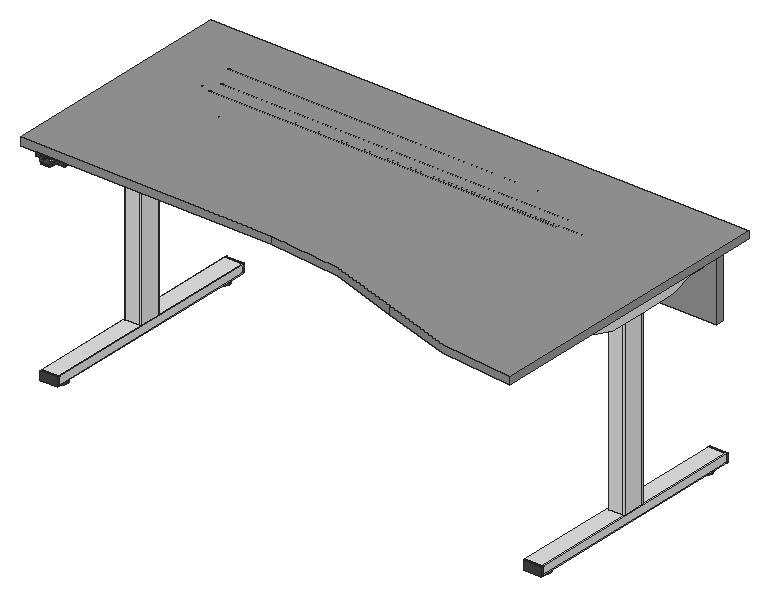
Revit family "Wave Desk - RH", category Furniture, Revit 2016 (continued)
Definition of nested family "Cable Tray"
  Lines and regions (mm)
    sketch lines
      curve 212: line (-200, 330.808, 613.5) -> (-200, 247.192, 613.5)
      curve 213: arc (-200, 247.192, 613.5) -> (-200, 245.429, 614.073) -> (-200, 244.339, 615.573) r 3
      curve 214: line (-200, 244.339, 615.573) -> (-200, 236.24, 640.5)
      curve 215: line (-200, 333.661, 615.573) -> (-200, 341.76, 640.5)
      curve 216: arc (-200, 330.808, 613.5) -> (-200, 332.571, 614.073) -> (-200, 333.661, 615.573) r 3
    sketch lines, not visible
      curve 20: line (0, 318.719, 618.385) -> (0, 235.103, 618.385)
      curve 21: arc (0, 235.103, 618.385) -> (0, 233.34, 618.958) -> (0, 232.25, 620.458) r 3
      curve 22: line (0, 232.25, 620.458) -> (0, 224.151, 645.385)
      curve 23: line (0, 321.572, 620.458) -> (0, 329.671, 645.385)
      curve 24: arc (0, 318.719, 618.385) -> (0, 320.482, 618.958) -> (0, 321.572, 620.458) r 3
  Dimensions and locks
    equal spacing: plane 4, plane 3 "Center (Left/Right)", plane 5
    "Width": plane 4 to plane 5
    equal spacing: plane 7, plane 1 "Center (Front/Back)", plane 8
    locked: plane 7 to plane 8 at 800
    locked: plane 2 to plane 9 "Foot" at 15
    "HeightControl": plane 10 to level
    locked: plane 10 to plane 6 "Desktop Underside" at 25
    locked: plane 4 to plane 11 "Cable Tray Left" at 100
    locked: plane 12 "Cable Tray Right" to plane 5 at 100
    equal spacing: curve 3, curve 51, curve 123, curve 63, curve 75, curve 87, curve 99, curve 111, curve 27
    equal spacing: curve 39, curve 195, curve 183, curve 171, curve 159, curve 147, curve 207, curve 135, curve 3
    locked: plane 6 "Desktop Underside" to Extrusion 1 at 61.5
    locked: plane 7 to Extrusion 1 at 53.5
    locked: plane 6 "Desktop Underside" to Sweep 5 at 61.964
    locked: plane 6 "Desktop Underside" to Sweep 18 at 61.964
    locked: plane 6 "Desktop Underside" to Sweep 17 at 61.964
    locked: plane 6 "Desktop Underside" to Sweep 16 at 61.964
    locked: plane 6 "Desktop Underside" to Sweep 15 at 61.964
    locked: plane 6 "Desktop Underside" to Sweep 14 at 61.964
    locked: plane 6 "Desktop Underside" to Sweep 19 at 61.964
    locked: plane 6 "Desktop Underside" to Sweep 13 at 61.964
    locked: plane 6 "Desktop Underside" to Sweep 2 at 61.964
    locked: plane 6 "Desktop Underside" to Sweep 6 at 61.964
    locked: plane 6 "Desktop Underside" to Sweep 12 at 61.964
    locked: plane 6 "Desktop Underside" to Sweep 7 at 61.964
    locked: plane 6 "Desktop Underside" to Sweep 8 at 61.964
    locked: plane 6 "Desktop Underside" to Sweep 9 at 61.964
    locked: plane 6 "Desktop Underside" to Sweep 10 at 61.964
    locked: plane 6 "Desktop Underside" to Sweep 11 at 61.964
    locked: plane 6 "Desktop Underside" to Sweep 4 at 61.964
    locked: plane 7 to Extrusion 20 at 50.5
    locked: Extrusion 20 to plane 12 "Cable Tray Right" at 160
    locked: Extrusion 20 to Extrusion 20 at 25
    locked: Extrusion 21 to Extrusion 21 at 25
    locked: plane 11 "Cable Tray Left" to Extrusion 21 at 160
    aligned and locked: level to plane 2
    aligned and locked: Extrusion 1 to plane 12 "Cable Tray Right"
    aligned and locked: Extrusion 1 to plane 11 "Cable Tray Left"
    aligned and locked: plane 12 "Cable Tray Right" to curve 27
    aligned and locked: curve 39 to plane 11 "Cable Tray Left"
    aligned and locked: plane 6 "Desktop Underside" to Extrusion 20
  Automatic sketch dimensions
    Sweep 2 sketch curve to profile plane = 0 mm  (x2)
    Sweep 3 sketch curve to profile plane = 0 mm  (x2)
    Sweep 4 sketch curve to profile plane = 0 mm  (x2)
    Sweep 5 sketch curve to profile plane = 0 mm  (x2)
    Sweep 6 sketch curve to profile plane = 0 mm  (x2)
    Sweep 7 sketch curve to profile plane = 0 mm  (x2)
    Sweep 8 sketch curve to profile plane = 0 mm  (x2)
    Sweep 9 sketch curve to profile plane = 0 mm  (x2)
    Sweep 10 sketch curve to profile plane = 0 mm  (x2)
    Sweep 11 sketch curve to profile plane = 0 mm  (x2)
    Sweep 12 sketch curve to profile plane = 0 mm  (x2)
    Sweep 13 sketch curve to profile plane = 0 mm  (x2)
    Sweep 14 sketch curve to profile plane = 0 mm  (x2)
    Sweep 15 sketch curve to profile plane = 0 mm  (x2)
    Sweep 16 sketch curve to profile plane = 0 mm  (x2)
    Sweep 17 sketch curve to profile plane = 0 mm  (x2)
    Sweep 18 sketch curve to profile plane = 0 mm  (x2)
    Sweep 19 sketch curve to profile plane = 0 mm  (x2)
    Extrusion 1 sketch curve to plane 6 "Desktop Underside" = 61.5 mm  (x2)
    Extrusion 1 sketch curve to plane 7 = 167 mm
    Extrusion 1 sketch curve to Extrusion 1 sketch curve = 31 mm  (x2)
    Extrusion 1 sketch curve to Extrusion 1 sketch curve = 50 mm
    Extrusion 1 sketch curve to Extrusion 1 sketch curve = 30 mm  (x2)
    Extrusion 20 sketch curve to Extrusion 20 sketch curve = 0 mm  (x11)
    Extrusion 20 sketch curve to plane 6 "Desktop Underside" = 0 mm
    Extrusion 20 sketch curve to plane 6 "Desktop Underside" = 31.5 mm
    Extrusion 20 sketch curve to plane 7 = 171.565 mm
    Extrusion 20 sketch curve to Extrusion 20 sketch curve = 0.065 mm  (x2)
    Extrusion 20 sketch curve to Extrusion 20 sketch curve = 3 mm  (x4)
    Extrusion 20 sketch curve to Extrusion 20 sketch curve = 1.5 mm  (x4)
    Extrusion 20 sketch curve to Extrusion 20 sketch curve = 2.634 mm
    Extrusion 20 sketch curve to Extrusion 20 sketch curve = 0.049 mm  (x2)
    Extrusion 20 sketch curve to Extrusion 20 sketch curve = 39.801 mm
    Extrusion 20 sketch curve to Extrusion 20 sketch curve = 6 mm  (x2)
    Extrusion 20 sketch curve to Extrusion 20 sketch curve = 54.484 mm
    Extrusion 20 sketch curve to plane 6 "Desktop Underside" = 5 mm  (x2)
    Extrusion 20 sketch curve to Extrusion 20 sketch curve = 12 mm
    Extrusion 20 sketch curve to Extrusion 20 sketch curve = 36.451 mm
    Extrusion 20 sketch curve to Extrusion 20 sketch curve = 0.35 mm
    Extrusion 20 sketch curve to Extrusion 20 sketch curve = 0.016 mm
    Extrusion 20 sketch curve to plane 6 "Desktop Underside" = 56.074 mm
    Extrusion 20 sketch curve to Extrusion 20 sketch curve = 20.781 mm
    Extrusion 20 sketch curve to Extrusion 20 sketch curve = 5 mm  (x3)
    Extrusion 20 sketch curve to Extrusion 20 sketch curve = 5.426 mm
    Extrusion 20 sketch curve to Extrusion 20 sketch curve = 81.082 mm
    Extrusion 20 sketch curve to Extrusion 20 sketch curve = 3.312 mm
    Extrusion 20 sketch curve to Extrusion 20 sketch curve = 20.355 mm
    Extrusion 20 sketch curve to Extrusion 20 sketch curve = 2 mm  (x2)
    Extrusion 20 sketch curve to Extrusion 20 sketch curve = 0.293 mm  (x2)
    Extrusion 20 sketch curve to Extrusion 20 sketch curve = 3.101 mm
    Extrusion 20 sketch curve to plane 6 "Desktop Underside" = 8.101 mm
    Extrusion 20 sketch curve to Extrusion 20 sketch curve = 0.033 mm
    Extrusion 20 sketch curve to Extrusion 20 sketch curve = 1.263 mm
    Extrusion 21 sketch curve to Extrusion 21 sketch curve = 0 mm  (x11)
    Extrusion 21 sketch curve to plane 6 "Desktop Underside" = 0 mm
    Extrusion 21 sketch curve to plane 6 "Desktop Underside" = 31.5 mm
    Extrusion 21 sketch curve to plane 7 = 171.565 mm
    Extrusion 21 sketch curve to Extrusion 21 sketch curve = 0.065 mm  (x2)
    Extrusion 21 sketch curve to Extrusion 21 sketch curve = 3 mm  (x4)
    Extrusion 21 sketch curve to Extrusion 21 sketch curve = 1.5 mm  (x4)
    Extrusion 21 sketch curve to Extrusion 21 sketch curve = 2.634 mm
    Extrusion 21 sketch curve to Extrusion 21 sketch curve = 0.049 mm  (x2)
    Extrusion 21 sketch curve to Extrusion 21 sketch curve = 39.801 mm
    Extrusion 21 sketch curve to Extrusion 21 sketch curve = 6 mm  (x2)
    Extrusion 21 sketch curve to Extrusion 21 sketch curve = 54.484 mm
    Extrusion 21 sketch curve to plane 6 "Desktop Underside" = 5 mm  (x2)
    Extrusion 21 sketch curve to Extrusion 21 sketch curve = 12 mm
    Extrusion 21 sketch curve to Extrusion 21 sketch curve = 36.451 mm
    Extrusion 21 sketch curve to Extrusion 21 sketch curve = 0.35 mm
    Extrusion 21 sketch curve to Extrusion 21 sketch curve = 0.016 mm
    Extrusion 21 sketch curve to Extrusion 21 sketch curve = 3.101 mm  (x2)
    Extrusion 21 sketch curve to plane 6 "Desktop Underside" = 24.207 mm
    Extrusion 21 sketch curve to Extrusion 21 sketch curve = 7.293 mm
    Extrusion 21 sketch curve to Extrusion 21 sketch curve = 0.293 mm  (x2)
    Extrusion 21 sketch curve to Extrusion 21 sketch curve = 5 mm  (x3)
    Extrusion 21 sketch curve to Extrusion 21 sketch curve = 2 mm
    Extrusion 21 sketch curve to Extrusion 21 sketch curve = 20.355 mm
    Extrusion 21 sketch curve to Extrusion 21 sketch curve = 20.781 mm
    Extrusion 21 sketch curve to Extrusion 21 sketch curve = 5.426 mm
    Extrusion 21 sketch curve to Extrusion 21 sketch curve = 81.082 mm
    Extrusion 21 sketch curve to Extrusion 21 sketch curve = 3.312 mm
    Extrusion 21 sketch curve to Extrusion 21 sketch curve = 0.033 mm
    Extrusion 21 sketch curve to Extrusion 21 sketch curve = 1.263 mm
    radius of Sweep 2 sketch curve = 1.5 mm
    radius of Sweep 3 sketch curve = 1.5 mm
    radius of Sweep 4 sketch curve = 1.5 mm
    radius of Sweep 5 sketch curve = 1.5 mm
    radius of Sweep 6 sketch curve = 1.5 mm
    radius of Sweep 7 sketch curve = 1.5 mm
    radius of Sweep 8 sketch curve = 1.5 mm
    radius of Sweep 9 sketch curve = 1.5 mm
    radius of Sweep 10 sketch curve = 1.5 mm
    radius of Sweep 11 sketch curve = 1.5 mm
    radius of Sweep 12 sketch curve = 1.5 mm
    radius of Sweep 13 sketch curve = 1.5 mm
    radius of Sweep 14 sketch curve = 1.5 mm
    radius of Sweep 15 sketch curve = 1.5 mm
    radius of Sweep 16 sketch curve = 1.5 mm
    radius of Sweep 17 sketch curve = 1.5 mm
    radius of Sweep 18 sketch curve = 1.5 mm
    radius of Sweep 19 sketch curve = 1.5 mm
    radius of Extrusion 1 sketch curve = 1.5 mm  (x4)
Types (13, lengths in mm): name | Width | Product Code | Modesty Panel Visible | Modesty Panel | Cable Tray Visible | Cable Tray
  (no name) | 1800 | "HDLWR18" | yes | "BTCPW180" | yes | "MECT18"
  1600 x 800 x 1000 | 1600 | "HDLWR16" | no | "" | no | ""
  1800 x 800 x 1000 | 1800 | "HDLWR18" | no | "" | no | ""
  1400 x 800 x 1000 | 1400 | "HDLWR14" | no | "" | no | ""
  1800 x 800 x 1000 with Modesty Panel & Cable Tray | 1800 | "HDLWR18" | yes | "BTCPW180" | yes | "MECT18"
  1800 x 800 x 1000 with Modesty Panel | 1800 | "HDLWR18" | yes | "BTCPW180" | no | ""
  1800 x 800 x 1000 with Cable Tray | 1800 | "HDLWR18" | no | "" | yes | "MECT18"
  1600 x 800 x 1000 with Modesty Panel & Cable Tray | 1600 | "HDLWR16" | yes | "BTCPW16" | yes | "MECT16"
  1600 x 800 x 1000 with Modesty Panel | 1600 | "HDLWR16" | yes | "BTCPW16" | no | ""
  1600 x 800 x 1000 with Cable Tray | 1600 | "HDLWR16" | no | "" | yes | "MECT16"
  1400 x 800 x 1000 with Modesty Panel & Cable Tray | 1400 | "HDLWR14" | yes | "BTCPW14" | yes | "MECT14"
  1400 x 800 x 1000 with Modesty Panel | 1400 | "HDLWR14" | yes | "BTCPW14" | no | ""
  1400 x 800 x 1000 with Cable Tray | 1400 | "HDLWR14" | no | "" | yes | "MECT14"
